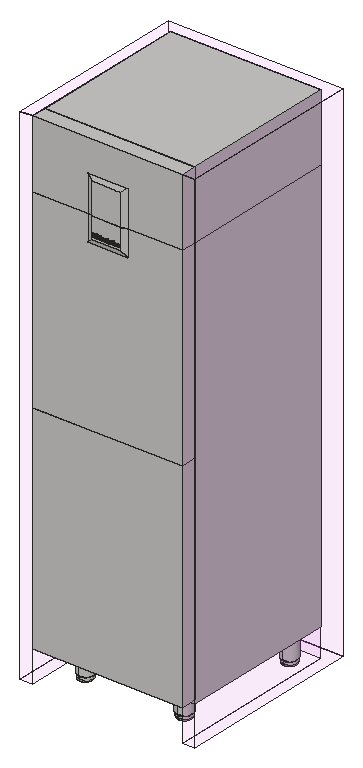
Revit family "QF_ELECTROLUXPROFESSIONAL_691359_PS04RF1FHC", category Specialty Equipment, Revit 2018
Family settings
  Round Connector Dimension = Use Diameter
  Part Type = Normal
  Work Plane-Based = No
  Always vertical = Yes
  Cut with Voids When Loaded = No
  Shared = No
  Room Calculation Point = No
Parameters
  Weight = 24.6895 lbm
  Watts = 0 W
  Volts = 380 V
  URL Manufacturer = "http://professional.electrolux.com/"
  URL = "http://professional.electrolux.com/"
  Steam Supply Size = 0"
  Steam Supply Minimum Pressure = 0.00 psi
  Steam Supply Maximum Pressure = 0.00 psi
  Steam Pounds per Hour = 0
  Show Clearance [instance] = yes
  Refrigeration Suction Line Size = 0"
  Refrigeration Liquid Line Size = 0"
  Refrigerant Compressor Remote = yes
  Phase = 0
  Model = "RBC201"
  Manufacturer = "Electrolux"
  Length Actual = 600 mm  # constant formula
  Item Number = "726624"
  Hot Water Size = 0"
  Height Actual = 2070 mm  # constant formula
  HP = "0.5 HP"
  Gas Size = 0"
  Gas KW = 0
  Gas Input Pressure = 0.0 Btu/h
  Direct Waste Size = 0"
  Description = "BLAST CHILLER 56 KG 20 GN1/1"
  Depth Actual = 741 mm  # constant formula
  Cycle = 50 Hz
  Condensate Return Size = 0"
  Compressed Air Volume = 0 GPM
  Compressed Air Size = 0"
  Compressed Air Pressure = 0.00 psi
  Cold Water Size = 0"
  Accessory = yes
Types (2, lengths in mm): name | Volts | URL Manufacturer | URL | Phase | Model | Manufacturer | Item Number | Description
  (no name) | 380 V | "http://professional.electrolux.com/" | "http://professional.electrolux.com/" | 0 | "RBC201" | "Electrolux" | "726624" | "BLAST CHILLER 56 KG 20 GN1/1"
  Standard | 220 V | "http://professional.electrolux.com" | "http://professional.electrolux.com" | 1 | "PS04RF1FHC" | "Electrolux Professional" | "691359" | "2½-DOOR DUAL REFRIGERATOR 470L 0/-22°,PROSTORE-R290"
Reference planes
  plane 1 "BACK": y = 0
  plane 2: z = 0
  plane 3 "LEFT": x = 0
  plane 4 "RIGHT": x = 600
  plane 5 "FRONT": y = -700
  plane 6 "TOP": z = 2040
  plane 7 "Center Y": x = 300
  plane 8 "Center X": y = -350
  plane 9: x = 102
  plane 10: x = 498
  plane 11: z = 115
  plane 12: z = 86
  plane 13: y = -80
  plane 14: y = -694
  plane 15: y = -1227
  plane 16: y = -630
  plane 17: z = 1770
  plane 18: x = -50
  plane 19: y = 50
  plane 20: x = 650
Forms (mm)
  Extrusion 1, solid, material "QF_Metal - Stainless - Polished"
    sketch origin (0, 0, 0) x (1, 0, 0) y (0, 0, 1)
      loop
        line (0, 2040) -> (0, 1770) -> (600, 1770) -> (600, 2040) -> (0, 2040)
    from 0 to 630
  Extrusion 2, solid, material "QF_Metal - Stainless - Polished"
    sketch origin (0, 0, 0) x (1, 0, 0) y (0, 0, 1)
      loop
        line (0, 1770) -> (0, 115) -> (600, 115) -> (600, 1770) -> (0, 1770)
    from 0 to 630
  Extrusion 3, solid, material "QF_Metal - Stainless - Polished"
    sketch origin (-370, 0, -128) x (1, 0, 0) y (0, 0, 1)
      loop
        circle (450, 1847.083) r 20
    from -7.507 to 0
  Extrusion 4, solid, material "QF_Door-Drawer Clearances", visible <- "Show Clearance", detail levels coarse
    sketch origin (0, 0, 0) x (1, 0, 0) y (0, 1, 0)
      loop
        line (600, -694) -> (0, -694)
        arc (0, -694) -> (187.42, -1087.232) -> (600, -1227) r 559.707
        line (600, -1227) -> (600, -694)
    from 127.536 to 995.399
  Extrusion 5, solid, material "QF_Metal - Stainless - Polished"
    sketch origin (0, 130.478, 0) x (1, 0, 0) y (0, 0, 1)
      loop
        line (0, 2040) -> (0, 1770) -> (600, 1770) -> (600, 2040) -> (0, 2040)
    from 760.478 to 824.478
  Extrusion 6, solid, material "QF_Metal - Stainless - Polished"
    sketch origin (0, 140, 0) x (1, 0, 0) y (0, 0, 1)
      loop
        line (0, 1770) -> (0, 995.399) -> (600, 995.399) -> (600, 1770) -> (0, 1770)
    from 834 to 770
  Revolve 7, solid, material "QF_Metal - Stainless - Polished"
    sketch origin (497.59, -2.833, 0) x (0, 1, 0) y (0, 0, -1)
      loop
        line (-590.954, -115) -> (-553.167, -115) -> (-553.167, 0) -> (-578.757, 0)
        arc (-578.757, 0) -> (-580.973, -2.655) -> (-581.767, -6.021) r 7.527
        line (-581.767, -6.021) -> (-581.767, -17.561) -> (-585.28, -21.074) -> (-585.28, -110.008) -> (-590.954, -110.008) -> (-590.954, -115)
      axis (-553.167, 0) -> (-553.167, -115)
    angle from 0 to 360
  Revolve 8, solid, material "QF_Metal - Stainless - Polished"
    sketch origin (102, -2.833, 0) x (0, 1, 0) y (0, 0, 1)
      loop
        line (-590.954, 115) -> (-590.954, 110.008) -> (-585.28, 110.008) -> (-585.28, 21.074) -> (-581.767, 17.561) -> (-581.767, 6.021)
        arc (-581.767, 6.021) -> (-580.973, 2.655) -> (-578.757, 0) r 7.527
        line (-578.757, 0) -> (-553.167, 0) -> (-553.167, 115) -> (-590.954, 115)
      axis (-553.167, 0) -> (-553.167, 115)
    angle from 0 to 360
  Revolve 9, solid, material "QF_Metal - Stainless - Polished"
    sketch origin (538, -759.167, 0) x (0, -1, 0) y (0, 0, 1)
      loop
        line (-716.954, 115) -> (-716.954, 110.008) -> (-711.28, 110.008) -> (-711.28, 21.074) -> (-707.767, 17.561) -> (-707.767, 6.021)
        arc (-707.767, 6.021) -> (-706.973, 2.655) -> (-704.757, 0) r 7.527
        line (-704.757, 0) -> (-679.167, 0) -> (-679.167, 115) -> (-716.954, 115)
      axis (-679.167, 0) -> (-679.167, 115)
    angle from 0 to 360
  Revolve 10, solid, material "QF_Metal - Stainless - Polished"
    sketch origin (62, -759.167, 0) x (0, -1, 0) y (0, 0, 1)
      loop
        line (-716.954, 115) -> (-716.954, 110.008) -> (-711.28, 110.008) -> (-711.28, 21.074) -> (-707.767, 17.561) -> (-707.767, 6.021)
        arc (-707.767, 6.021) -> (-706.973, 2.655) -> (-704.757, 0) r 7.527
        line (-704.757, 0) -> (-679.167, 0) -> (-679.167, 115) -> (-716.954, 115)
      axis (-679.167, 0) -> (-679.167, 115)
    angle from 0 to 360
  Blend 11, solid, material "QF_Metal - Stainless - Polished"
    base sketch origin (-150, -694, 0) x (1, 0, 0) y (0, 0, 1)
      loop
        line (370, 1914.822) -> (370, 1664.822) -> (530, 1664.822) -> (530, 1914.822) -> (370, 1914.822)
    top sketch origin (-150, -694, 0) x (1, 0, 0) y (0, 0, 1)
      loop
        line (510, 1894.822) -> (390, 1894.822) -> (390, 1684.822) -> (510, 1684.822) -> (510, 1894.822)
    from 0 to 6
  Extrusion 12, void
    sketch origin (-150, -700, 0) x (-1, 0, 0) y (0, 0, 1)
      loop
        line (-370, 1770.997) -> (-530, 1770.997) -> (-530, 1769.003) -> (-370, 1769.003) -> (-370, 1770.997)
    from 0 to 6
  Extrusion 13, solid, material "QF_Door-Drawer Clearances"
    sketch origin (0, 0, 0) x (1, 0, 0) y (0, 1, 0)
      loop
        line (0, -694) -> (0, 0) -> (600, 0) -> (600, -694) -> (650, -694) -> (650, 50) -> (-50, 50) -> (-50, -694) -> (0, -694)
    from 0 to 2040
  Extrusion 14, solid, material "QF_Door-Drawer Clearances", visible <- "Show Clearance", detail levels coarse
    sketch origin (0, 0, 0) x (1, 0, 0) y (0, 1, 0)
      loop
        line (600, -694) -> (0, -694)
        arc (0, -694) -> (187.42, -1087.232) -> (600, -1227) r 559.707
        line (600, -1227) -> (600, -694)
    from 995.399 to 1770
  Extrusion 15, solid, material "QF_Metal - Stainless - Polished"
    sketch origin (0, 140, 0) x (1, 0, 0) y (0, 0, 1)
      loop
        line (0, 995.399) -> (0, 127.536) -> (600, 127.536) -> (600, 995.399) -> (0, 995.399)
    from 834 to 770
Cuts and joins
  Extrusion 12 cuts Extrusion 1
  Extrusion 12 cuts Extrusion 2
  Extrusion 12 cuts Extrusion 5
  Extrusion 12 cuts Extrusion 6
  Extrusion 12 cuts Blend 11
Lines and regions (mm)
  Split face 1
    outline origin (-150, -700, 0) x (1, 0, 0) y (0, 0, 1)
      loop
        line (415, 1894.822) -> (415, 1742.499) -> (485, 1742.499) -> (485, 1894.822)
  symbolic lines
    curve 1: line (0, 0, 0) -> (600, 0, 0)
    curve 2: line (0, -694, 0) -> (0, 0, 0)
    curve 3: line (600, -694, 0) -> (0, -694, 0)
    curve 4: line (600, 0, 0) -> (600, -694, 0)
    curve 5: line (0, -630, 0) -> (600, -630, 0)
    curve 6: line (220, -694, 0) -> (240, -700, 0)
    curve 7: line (240, -700, 0) -> (360, -700, 0)
    curve 8: line (360, -700, 0) -> (380, -694, 0)
  symbolic lines, style "QF_Door-Drawer Clearances"
    curve 9: arc (0, -694, 0) -> (187.42, -1087.232, 0) -> (600, -1227, 0) r 559.707
    curve 10: line (600, -1227, 0) -> (600, -694, 0)
    curve 11: line (0, -694, 0) -> (-50, -694, 0)
    curve 12: line (-50, -694, 0) -> (-50, 50, 0)
    curve 13: line (-50, 50, 0) -> (650, 50, 0)
    curve 14: line (650, 50, 0) -> (650, -694, 0)
    curve 15: line (650, -694, 0) -> (600, -694, 0)
Dimensions and locks
  equal spacing: plane 3 "LEFT", plane 7 "Center Y", plane 4 "RIGHT"
  plane 3 "LEFT" to plane 4 "RIGHT" = 600 mm
  equal spacing: plane 5 "FRONT", plane 8 "Center X", plane 1 "BACK"
  plane 5 "FRONT" to plane 1 "BACK" = 700 mm
  plane 6 "TOP" to level = 2040 mm
  plane 9 to plane 3 "LEFT" = 102 mm
  plane 10 to plane 4 "RIGHT" = 102 mm
  plane 11 to level = 115 mm
  plane 12 to plane 11 = 29 mm
  plane 1 "BACK" to plane 13 = 80 mm
  plane 15 to plane 1 "BACK" = 1227 mm
  plane 3 "LEFT" to Extrusion 4 = 600 mm
  plane 11 to plane 2 = 115 mm
  plane 1 "BACK" to plane 16 = 630 mm
  plane 18 to plane 3 "LEFT" = 50 mm
  plane 4 "RIGHT" to plane 20 = 50 mm
  plane 1 "BACK" to plane 19 = 50 mm
  aligned and locked: level to plane 2
  aligned and locked: Extrusion 5 to plane 4 "RIGHT"
  aligned and locked: Extrusion 5 to plane 3 "LEFT"
  aligned and locked: plane 5 "FRONT" to Blend 11
  aligned and locked: Extrusion 15 to Extrusion 4
  aligned and locked: Extrusion 14 to Extrusion 6
Automatic sketch dimensions
  Extrusion 1 sketch curve to plane 3 "LEFT" = 0 mm
  plane 4 "RIGHT" to Extrusion 1 sketch curve = 0 mm
  Extrusion 1 sketch curve to plane 17 = 0 mm
  Extrusion 1 sketch curve to plane 6 "TOP" = 0 mm
  Extrusion 2 sketch curve to plane 3 "LEFT" = 0 mm
  plane 4 "RIGHT" to Extrusion 2 sketch curve = 0 mm
  Extrusion 2 sketch curve to plane 11 = 0 mm
  Extrusion 2 sketch curve to plane 17 = 0 mm
  Extrusion 3 sketch curve to plane 9 = 22 mm
  Extrusion 3 sketch curve to plane 17 = 50.917 mm
  Extrusion 4 sketch curve to plane 3 "LEFT" = 0 mm
  Extrusion 4 sketch curve to plane 4 "RIGHT" = 0 mm
  Extrusion 4 sketch curve to plane 15 = 0 mm
  plane 14 to Extrusion 4 sketch curve = 0 mm
  Extrusion 4 sketch curve to plane 14 = 25.214 mm
  Extrusion 5 sketch curve to plane 3 "LEFT" = 0 mm
  plane 4 "RIGHT" to Extrusion 5 sketch curve = 0 mm
  Extrusion 5 sketch curve to plane 17 = 0 mm
  Extrusion 5 sketch curve to plane 6 "TOP" = 0 mm
  Extrusion 6 sketch curve to plane 3 "LEFT" = 0 mm
  plane 4 "RIGHT" to Extrusion 6 sketch curve = 0 mm
  Extrusion 6 sketch curve to plane 17 = 0 mm
  plane 11 to Extrusion 6 sketch curve = 880.399 mm
  plane 11 to Revolve 7 sketch curve = 0 mm
  Revolve 7 sketch curve to level = 0 mm
  plane 16 to Revolve 7 sketch curve = 36.213 mm
  Revolve 7 sketch curve to Revolve 7 sketch curve = 5.674 mm
  Revolve 7 sketch curve to Revolve 7 sketch curve = 3.513 mm  (x2)
  Revolve 7 sketch curve to Revolve 7 sketch curve = 3.01 mm
  level to Revolve 7 sketch curve = 6.021 mm
  Revolve 7 sketch curve to Revolve 7 sketch curve = 21.073 mm
  Revolve 7 sketch curve to plane 11 = 4.992 mm  (x2)
  Revolve 7 sketch curve to Revolve 7 sketch curve = 15.053 mm
  Revolve 7 sketch curve to Revolve 7 sketch curve = 0 mm
  Revolve 7 sketch curve to Revolve 7 sketch curve = 20.008 mm
  Revolve 8 sketch curve to plane 11 = 0 mm
  Revolve 8 sketch curve to level = 0 mm
  plane 16 to Revolve 8 sketch curve = 36.213 mm
  Revolve 8 sketch curve to Revolve 8 sketch curve = 5.674 mm
  Revolve 8 sketch curve to Revolve 8 sketch curve = 3.513 mm  (x2)
  Revolve 8 sketch curve to Revolve 8 sketch curve = 3.01 mm
  level to Revolve 8 sketch curve = 6.021 mm
  Revolve 8 sketch curve to Revolve 8 sketch curve = 21.073 mm
  Revolve 8 sketch curve to Revolve 8 sketch curve = 11.54 mm
  Revolve 8 sketch curve to plane 11 = 4.992 mm
  Revolve 8 sketch curve to Revolve 8 sketch curve = 0 mm
  Revolve 8 sketch curve to Revolve 8 sketch curve = 4.992 mm
  plane 11 to Revolve 8 sketch curve = 20.008 mm
  Revolve 9 sketch curve to plane 11 = 0 mm
  Revolve 9 sketch curve to level = 0 mm
  Revolve 9 sketch curve to plane 13 = 0 mm  (x2)
  level to Revolve 9 sketch curve = 6.021 mm
  Revolve 9 sketch curve to plane 13 = 21.073 mm
  Revolve 9 sketch curve to Revolve 9 sketch curve = 4.517 mm
  Revolve 9 sketch curve to Revolve 9 sketch curve = 3.513 mm  (x2)
  Revolve 9 sketch curve to Revolve 9 sketch curve = 5.674 mm
  Revolve 9 sketch curve to Revolve 9 sketch curve = 11.54 mm
  Revolve 9 sketch curve to plane 11 = 4.992 mm
  Revolve 9 sketch curve to Revolve 9 sketch curve = 4.992 mm
  plane 11 to Revolve 9 sketch curve = 20.008 mm
  Revolve 10 sketch curve to plane 11 = 0 mm
  Revolve 10 sketch curve to level = 0 mm
  Revolve 10 sketch curve to plane 13 = 0 mm  (x2)
  Revolve 10 sketch curve to level = 6.021 mm
  plane 13 to Revolve 10 sketch curve = 21.073 mm
  Revolve 10 sketch curve to Revolve 10 sketch curve = 4.517 mm
  Revolve 10 sketch curve to Revolve 10 sketch curve = 3.513 mm  (x2)
  Revolve 10 sketch curve to Revolve 10 sketch curve = 5.674 mm
  Revolve 10 sketch curve to Revolve 10 sketch curve = 11.54 mm
  plane 11 to Revolve 10 sketch curve = 4.992 mm  (x2)
  Revolve 10 sketch curve to Revolve 10 sketch curve = 20.008 mm
  Blend 11 sketch curve to Extrusion 6 = 105.178 mm
  Blend 11 sketch curve to Extrusion 6 = 220 mm
  Blend 11 sketch curve to Blend 11 sketch curve = 160 mm
  Extrusion 6 to Blend 11 sketch curve = 144.822 mm
  Extrusion 6 to Blend 11 sketch curve = 124.822 mm
  Blend 11 sketch curve to Extrusion 6 = 240 mm
  Blend 11 sketch curve to Blend 11 sketch curve = 120 mm
  Blend 11 sketch curve to Extrusion 6 = 85.178 mm
  Split face 1 sketch curve to Blend 11 = 0 mm  (x2)
  Split face 1 sketch curve to Blend 11 = 25 mm  (x2)
  Split face 1 sketch curve to Blend 11 = 57.677 mm
  Extrusion 12 sketch curve to Blend 11 = 20 mm  (x2)
  Blend 11 to Extrusion 12 sketch curve = 84.181 mm
  Extrusion 12 sketch curve to Extrusion 12 sketch curve = 1.995 mm
  Extrusion 13 sketch curve to plane 18 = 0 mm
  plane 1 "BACK" to Extrusion 13 sketch curve = 0 mm
  Extrusion 13 sketch curve to plane 3 "LEFT" = 0 mm
  Extrusion 13 sketch curve to plane 4 "RIGHT" = 0 mm
  Extrusion 13 sketch curve to plane 19 = 0 mm
  Extrusion 13 sketch curve to plane 20 = 0 mm
  plane 14 to Extrusion 13 sketch curve = 0 mm  (x2)
  curve 13 to plane 18 = 0 mm
  curve 3 to plane 3 "LEFT" = 0 mm
  plane 5 "FRONT" to curve 7 = 0 mm
  curve 9 to plane 4 "RIGHT" = 0 mm
  curve 15 to plane 4 "RIGHT" = 0 mm
  plane 14 to curve 14 = 0 mm
  curve 14 to plane 20 = 0 mm
  curve 10 to plane 15 = 0 mm
  curve 5 to plane 16 = 0 mm
  plane 1 "BACK" to curve 4 = 0 mm
  curve 13 to plane 19 = 0 mm
  curve 7 to plane 7 "Center Y" = 60 mm
  plane 7 "Center Y" to curve 8 = 60 mm
  curve 9 to plane 14 = 25.214 mm
  curve 6 to curve 6 = 20 mm
  curve 7 to curve 8 = 20 mm
  Extrusion 14 sketch curve to plane 3 "LEFT" = 0 mm
  Extrusion 14 sketch curve to plane 4 "RIGHT" = 0 mm
  Extrusion 14 sketch curve to plane 15 = 0 mm
  plane 14 to Extrusion 14 sketch curve = 0 mm
  Extrusion 14 sketch curve to plane 14 = 25.214 mm
  Extrusion 15 sketch curve to plane 3 "LEFT" = 0 mm
  plane 4 "RIGHT" to Extrusion 15 sketch curve = 0 mm
  Extrusion 15 sketch curve to plane 17 = 774.601 mm
  plane 11 to Extrusion 15 sketch curve = 12.536 mm
  radius of Extrusion 3 sketch curve = 20 mm
Nested families
  nested 1: "ELX_Logo_S" at (300.625, -700, 1704.375) x (1, 0, 0) z (0, -1, 0), type "ELX_Logo_S"
Connectors
  electrical at (80, 7.507, 1719.083), driven by "Volts"
    settings: on Extrusion 3, index 2, voltage 380 V, apparent load 0 VA, apparent load phase1 0 VA, apparent load phase2 0 VA, apparent load phase3 0 VA, power factor 1, load classification "Other", number of poles 1, system type 30, power factor state 1, is connector primary yes, connector utility no, sub classification motor no, connector description "Electrical Connection"
Definition of nested family "ELX_Logo_S"
  Parameters (values of type "ELX_Logo_S")
    Default Elevation = 0 mm
  Reference planes
    plane 1 "Centro (Fronte/Retro)": y = 0
    plane 2: z = 0
    plane 3 "Centro (Sinistra/Destra)": x = 0
  Forms (mm)
    Extrusion 1, solid
      sketch origin (0, 0, 0) x (1, 0, 0) y (0, 1, 0)
        loop
          line (-1219.2, 1219.2) -> (-1219.2, -1219.2) -> (1219.2, -1219.2) -> (1219.2, 1219.2) -> (-1219.2, 1219.2)
      from 0 to -304.8
    Extrusion 2, solid
      sketch origin (0, 0, 0) x (1, 0, 0) y (0, 1, 0)
        loop
          line (-43.793, 5.912) -> (-43.793, -6.455)
          arc (-43.793, -6.455) -> (-39.222, -0.272) -> (-43.793, 5.912) r 6.467
        loop
          arc (-44.422, 5.912) -> (-49.565, 4.743) -> (-52.043, 0.087) r 6.338
          line (-52.043, 0.087) -> (-49.997, 0.087)
          arc (-49.997, 0.087) -> (-46.342, 1.57) -> (-44.422, 5.016) r 5.941
          line (-44.422, 5.016) -> (-44.422, 5.912)
        loop
          arc (-44.422, -5.559) -> (-46.342, -2.114) -> (-49.997, -0.63) r 5.941
          line (-49.997, -0.63) -> (-52.043, -0.63)
          arc (-52.043, -0.63) -> (-49.569, -5.324) -> (-44.422, -6.614) r 6.504
          line (-44.422, -6.614) -> (-44.422, -5.559)
        loop
          line (-52.512, 6.586) -> (-52.512, -7.158) -> (-38.749, -7.158) -> (-38.749, 6.586) -> (-52.512, 6.586)
        loop
          arc (-35.782, 6.67) -> (-36.139, 6.322) -> (-35.801, 5.955) r 0.358
          arc (-35.801, 5.955) -> (-35.051, 5.641) -> (-34.666, 4.924) r 1.216
          line (-34.666, 4.924) -> (-34.666, -5.488)
          arc (-34.666, -5.488) -> (-34.944, -6.148) -> (-35.54, -6.544) r 1.238
          arc (-35.54, -6.544) -> (-35.791, -6.939) -> (-35.437, -7.244) r 0.358
          line (-35.437, -7.244) -> (-25.558, -7.244) -> (-25.558, -4.494) -> (-26.455, -4.494)
          arc (-26.455, -4.494) -> (-27.035, -5.403) -> (-28.012, -5.858) r 1.928
          line (-28.012, -5.858) -> (-30.511, -5.858)
          arc (-30.511, -5.858) -> (-31.24, -5.583) -> (-31.604, -4.894) r 1.101
          line (-31.604, -4.894) -> (-31.604, -0.808) -> (-27.931, -0.808)
          arc (-27.931, -0.808) -> (-27.434, -1.16) -> (-27.206, -1.725) r 1.083
          arc (-27.206, -1.725) -> (-26.9, -1.989) -> (-26.622, -1.697) r 0.292
          line (-26.622, -1.697) -> (-26.622, 1.265)
          arc (-26.622, 1.265) -> (-26.895, 1.568) -> (-27.225, 1.329) r 0.305
          arc (-27.225, 1.329) -> (-27.473, 0.839) -> (-27.931, 0.534) r 1.083
          line (-27.931, 0.534) -> (-31.604, 0.534) -> (-31.604, 5.211) -> (-27.857, 5.211)
          arc (-27.857, 5.211) -> (-27.101, 4.997) -> (-26.603, 4.39) r 1.314
          arc (-26.603, 4.39) -> (-26.199, 4.171) -> (-25.907, 4.526) r 0.361
          line (-25.907, 4.526) -> (-25.907, 6.67) -> (-35.782, 6.67)
        loop
          arc (-25.126, 5.953) -> (-24.207, 5.572) -> (-23.827, 4.654) r 1.299
          line (-23.827, 4.654) -> (-23.827, -4.925)
          arc (-23.827, -4.925) -> (-24.205, -5.763) -> (-25.083, -6.035) r 1.118
          line (-25.083, -6.035) -> (-25.083, -7.244) -> (-19.733, -7.244) -> (-19.733, -6.056)
          arc (-19.733, -6.056) -> (-20.65, -5.784) -> (-21.046, -4.914) r 1.153
          line (-21.046, -4.914) -> (-21.046, 7.158) -> (-25.126, 5.953)
        loop
          line (-17.097, -2.28) -> (-10.65, -2.28) -> (-10.65, -1.481)
          arc (-10.65, -1.481) -> (-11.634, 1.1) -> (-14.088, 2.369) r 3.874
          line (-14.088, 2.369) -> (-15.848, 2.369)
          arc (-15.848, 2.369) -> (-18.713, 1.182) -> (-19.899, -1.682) r 4.051
          line (-19.899, -1.682) -> (-19.899, -3.691)
          arc (-19.899, -3.691) -> (-18.414, -6.509) -> (-15.407, -7.561) r 4.352
          arc (-15.407, -7.561) -> (-12.944, -7.196) -> (-10.87, -5.819) r 5.713
          line (-10.87, -5.819) -> (-10.87, -4.87)
          arc (-10.87, -4.87) -> (-12.439, -5.603) -> (-14.157, -5.819) r 5.579
          arc (-14.157, -5.819) -> (-16.12, -5.025) -> (-17.097, -3.146) r 3.057
          line (-17.097, -3.146) -> (-17.097, -2.28)
        loop
          line (-17.097, -1.02) -> (-13.515, -1.02)
          arc (-13.515, -1.02) -> (-13.468, 0.436) -> (-14.627, 1.319) r 1.59
          line (-14.627, 1.319) -> (-15.457, 1.319)
          arc (-15.457, 1.319) -> (-16.712, 0.455) -> (-17.097, -1.02) r 2.184
        loop
          arc (-1.232, 1.771) -> (-2.906, 2.259) -> (-4.643, 2.417) r 9.023
          line (-4.643, 2.417) -> (-6.005, 2.417)
          arc (-6.005, 2.417) -> (-8.805, 1.257) -> (-9.965, -1.542) r 3.959
          line (-9.965, -1.542) -> (-9.965, -4.142)
          arc (-9.965, -4.142) -> (-8.672, -6.424) -> (-6.299, -7.541) r 4.331
          line (-6.299, -7.541) -> (-4.164, -7.541)
          arc (-4.164, -7.541) -> (-2.614, -7.033) -> (-1.268, -6.112) r 5.772
          arc (-1.268, -6.112) -> (-1.217, -5.35) -> (-1.976, -5.263) r 0.553
          arc (-1.976, -5.263) -> (-2.71, -5.651) -> (-3.529, -5.785) r 2.573
          line (-3.529, -5.785) -> (-5.044, -5.785)
          arc (-5.044, -5.785) -> (-6.686, -4.779) -> (-7.328, -2.965) r 2.884
          line (-7.328, -2.965) -> (-7.328, -1.686)
          arc (-7.328, -1.686) -> (-6.768, 0.135) -> (-5.103, 1.062) r 2.554
          line (-5.103, 1.062) -> (-4.05, 1.062)
          arc (-4.05, 1.062) -> (-3.122, 0.73) -> (-2.387, 0.073) r 2.564
          arc (-2.387, 0.073) -> (-1.67, -0.148) -> (-1.232, 0.461) r 0.643
          line (-1.232, 0.461) -> (-1.232, 1.771)
        loop
          line (-0.962, 0.752) -> (0.539, 0.752) -> (0.539, -5.296)
          arc (0.539, -5.296) -> (1.197, -6.884) -> (2.785, -7.541) r 2.246
          line (2.785, -7.541) -> (4.369, -7.541)
          arc (4.369, -7.541) -> (5.233, -7.228) -> (6.005, -6.727) r 4.06
          arc (6.005, -6.727) -> (6.138, -5.995) -> (5.437, -5.743) r 0.576
          arc (5.437, -5.743) -> (4.911, -5.849) -> (4.379, -5.785) r 1.69
          arc (4.379, -5.785) -> (3.591, -5.244) -> (3.288, -4.337) r 1.506
          line (3.288, -4.337) -> (3.288, 0.801) -> (5.685, 0.801) -> (6.241, 1.357) -> (6.241, 2.179) -> (3.382, 2.179) -> (3.382, 5.41) -> (-0.962, 0.752)
        loop
          line (7.139, -7.324) -> (12.526, -7.324) -> (12.526, -6.214)
          arc (12.526, -6.214) -> (11.575, -5.82) -> (11.181, -4.869) r 1.345
          line (11.181, -4.869) -> (11.181, -1.253)
          arc (11.181, -1.253) -> (11.773, -0.488) -> (12.695, -0.199) r 1.615
          line (12.695, -0.199) -> (14.251, -0.199) -> (14.936, 2.357) -> (13.553, 2.357) -> (10.994, 0.414) -> (10.994, 2.295) -> (8.288, 2.01)
          arc (8.288, 2.01) -> (7.758, 1.571) -> (7.959, 0.912) r 0.621
          arc (7.959, 0.912) -> (8.301, 0.512) -> (8.484, 0.018) r 1.501
          line (8.484, 0.018) -> (8.484, -4.869)
          arc (8.484, -4.869) -> (8.09, -5.82) -> (7.139, -6.214) r 1.345
          line (7.139, -6.214) -> (7.139, -7.324)
        loop
          line (14.473, -1.222) -> (14.473, -3.914)
          arc (14.473, -3.914) -> (15.781, -6.36) -> (18.311, -7.494) r 4.288
          arc (18.311, -7.494) -> (19.692, -7.557) -> (21.072, -7.494) r 15.022
          arc (21.072, -7.494) -> (23.603, -6.36) -> (24.91, -3.914) r 4.288
          line (24.91, -3.914) -> (24.91, -1.222)
          arc (24.91, -1.222) -> (23.603, 1.223) -> (21.072, 2.357) r 4.288
          arc (21.072, 2.357) -> (19.692, 2.421) -> (18.311, 2.357) r 15.022
          arc (18.311, 2.357) -> (15.781, 1.223) -> (14.473, -1.222) r 4.288
        loop
          line (17.587, -1.017) -> (17.587, -4.119)
          arc (17.587, -4.119) -> (19.744, -6.276) -> (21.901, -4.119) r 2.157
          line (21.901, -4.119) -> (21.901, -1.017)
          arc (21.901, -1.017) -> (19.744, 1.14) -> (17.587, -1.017) r 2.157
        loop
          arc (24.768, 5.964) -> (25.662, 5.593) -> (26.033, 4.699) r 1.264
          line (26.033, 4.699) -> (26.033, -5.165)
          arc (26.033, -5.165) -> (25.636, -6.035) -> (24.72, -6.307) r 1.153
          line (24.72, -6.307) -> (24.72, -7.244) -> (29.828, -7.244) -> (29.828, -6.316)
          arc (29.828, -6.316) -> (29.056, -5.957) -> (28.741, -5.165) r 1.153
          line (28.741, -5.165) -> (28.741, 7.158) -> (24.768, 5.964)
        loop
          arc (29.365, 1.084) -> (30.43, 0.885) -> (30.912, -0.085) r 1.215
          line (30.912, -0.085) -> (30.912, -5.105)
          arc (30.912, -5.105) -> (31.559, -6.719) -> (33.142, -7.44) r 2.338
          line (33.142, -7.44) -> (34.657, -7.44)
          arc (34.657, -7.44) -> (35.661, -7.266) -> (36.547, -6.763) r 2.979
          line (36.547, -6.763) -> (38.344, -7.244) -> (40.032, -7.244) -> (40.032, 2.181) -> (35.829, 1.887) -> (35.829, 1.101)
          arc (35.829, 1.101) -> (36.665, 0.745) -> (37.174, -0.007) r 1.605
          line (37.174, -0.007) -> (37.174, -5.11)
          arc (37.174, -5.11) -> (36.237, -5.531) -> (35.213, -5.603) r 2.94
          arc (35.213, -5.603) -> (34.112, -5.042) -> (33.669, -3.889) r 1.724
          line (33.669, -3.889) -> (33.669, 2.307) -> (29.365, 1.084)
        loop
          line (40.886, 2.112) -> (42.932, 0.44) -> (45.238, -2.734) -> (42.126, -6.191)
          arc (42.126, -6.191) -> (41.732, -6.428) -> (41.273, -6.405) r 0.789
          line (41.273, -6.405) -> (41.273, -7.244) -> (44.818, -7.244) -> (44.818, -6.418)
          arc (44.818, -6.418) -> (44.456, -6.076) -> (44.548, -5.586) r 0.52
          line (44.548, -5.586) -> (46.019, -3.786) -> (47.394, -5.904)
          arc (47.394, -5.904) -> (47.084, -6.305) -> (46.585, -6.392) r 0.7
          line (46.585, -6.392) -> (46.585, -7.244) -> (52.512, -7.244) -> (52.512, -6.358)
          arc (52.512, -6.358) -> (51.853, -6.291) -> (51.322, -5.896) r 1.247
          line (51.322, -5.896) -> (48.041, -1.696) -> (50.094, 0.751) -> (51.836, 2.112) -> (48.112, 2.112) -> (48.535, 0.627) -> (47.258, -0.895) -> (46.068, 0.806) -> (46.844, 2.112) -> (40.886, 2.112)
      from 0 to 1.644
  Dimensions and locks
    aligned and locked: plane 2 to Extrusion 1
    aligned and locked: level to Extrusion 1
